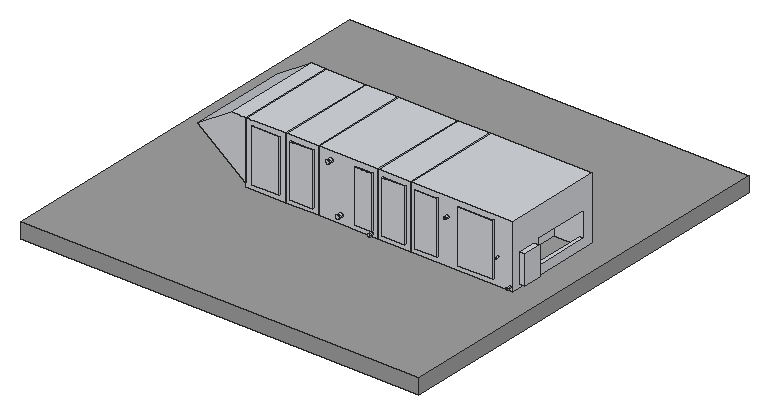
Revit family
Parameters (values of type "6 Row CW")
  Wheel Size [instance] = ""
  Voltage = 480 V
  Unit Weight (lbs) = 4667  # constant formula
  URL = "http://www.appliedair.com"
  Total Static Pressure [instance] = 0.00 in-wg
  Total Heating Capacity [instance] = 0.0 Btu/h
  Total Cooling Capacity [instance] = 0.0 Btu/h
  Temperature Rise [instance] = 0 °F
  Supply Air Pressure Drop [instance] = 0.00 in-wg
  Supply Air Outlet Flow [instance] = 0 CFM
  Supply Air Inlet Flow [instance] = 0 CFM
  Series = "IFL"
  Return Coil Horizontal Offset = 0' - 10"
  Return Air Inlet Flow [instance] = 0 CFM
  Return Air Flow Height = 1' - 8"
  Product URL = "http://www.appliedair.com/ifl.asp"
  Power Vertical Offset = 1' - 2 1/4"
  Power Horizontal Offset = 2' - 6"
  Power Connection Radius = 0' - 0 3/4"
  Phase = 3
  Output Heat [instance] = 0.0 Btu/h
  OmniClass = "23-75 10 24 21 27 17"
  Number of Rows = 6
  Number of Poles = 3
  Nominal Width = 6' - 8"  # constant formula
  Nominal Length = 21' - 0 5/8"  # constant formula
  Nominal Height = 4' - 2"  # constant formula
  Motor Horsepower (HP) [instance] = 0
  Motor Brake Horsepower (BHP) [instance] = 0
  Motor Amps [instance] = 0 A
  Model = "40"
  Minimum Input [instance] = 0.0 Btu/h
  Minimum Air Flow = 3000 CFM
  Maximum Input [instance] = 0.0 Btu/h
  Maximum Air Flow = 9500 CFM
  Manufacturer = "Applied Air"
  M = 3' - 10"  # constant formula
  L = 1' - 8 3/4"  # constant formula
  K = 2' - 1 11/16"  # constant formula
  J = 0' - 6 3/4"  # constant formula
  Heating Leaving Water Temperature [instance] = 0 °F
  Heating Leaving Air Temperature Wet Bulb [instance] = 0 °F
  Heating Leaving Air Temperature Dry Bulb [instance] = 0 °F
  Heating Entering Water Temperature [instance] = 0 °F
  Heating Entering Air Temperature Wet Bulb [instance] = 0 °F
  Heating Entering Air Temperature Dry Bulb [instance] = 0 °F
  Gas Vertical Offset = 1' - 9"  # constant formula
  Gas Horizontal Offset = 0' - 11 1/2"
  Gas Connection Radius = 0' - 0 3/8"  # constant formula
  Condensate Drain Vertical Offset = 0' - 2 3/4"
  Condensate Drain Radius = 0' - 0 3/4"  # constant formula
  Gas Pressure Drop [instance] = 0.00 psi
  Gas Input [instance] = 0.0 Btu/h
  Condensate Drain Horizontal Offset = 0' - 1 27/32"
  Gas Flow [instance] = 0 GPM
  Condensate Drain Connection Radius = Condensate Drain Radius  # 0' - 0 3/4"
  Furnace Size [instance] = ""
  Frequency = 60 Hz
  Fan Speed (RPM) [instance] = 0
  Face Velocity (FPM) [instance] = 0
  Face Pressure Drop [instance] = 0' - 0"
  Drain Pressure Drop [instance] = 0.00 psi
  Drain Flow [instance] = 0 GPM
  Description = "Dedicated Outside Air Split System"
  Cooling Sensible Capacity [instance] = 0 Btu/h
  Cooling Leaving Air Temperature Wet Bulb [instance] = 0 °F
  Cooling Leaving Air Temperature Dry Bulb [instance] = 0 °F
  Cooling Entering Air Temperature Wet Bulb [instance] = 0 °F
  Cooling Entering Air Temperature Dry Bulb [instance] = 0 °F
  Cooling Coil Radius = 0' 3" / 2  # 0' - 1 1/2"
  H = 0' - 3 1/16"  # constant formula
  G = 3' - 2 5/8"  # constant formula
  Drain Vertical Offset = 0' - 2"
  Drain Radius = 0' - 1"
  Drain Horizontal Offset = 0' - 5"
  Default Elevation = 0' - 0"
  F = 2' - 2"  # constant formula
  E = 4' - 0"  # constant formula
  D = 5' - 8"  # constant formula
  Combustion Air Flow [instance] = 0 CFM
  Coils Depth = 0' - 3"
  Coil Face Area = if(Choose Coil Option = 1, 9.17 SF, if(Choose Coil Option = 2, 14.00 SF, if(Choose Coil Option = 3, 17.72 SF, 0.00 SF)))  # 14.00 SF
  Choose Coil Option = 2
  Chilled Water Pressure [instance] = 0.00 in-wg
  Chilled Water Flow [instance] = 0 GPM
  Coils Vertical Offsets = 0' - 6 143/256"
  Supply Coil Horizontal Offset = 1' - 6"
  Burner Amps [instance] = 0 A
  B = 6' - 10"  # constant formula
  Assembly Code = "D3030200"
  Apparent Power [instance] = (Motor Amps + Burner Amps) * Voltage * sqrt(3)  # 0 VA
  AHU Material = Galvanized Steel
  30x44 CW Coils = Choose Coil Option = 1  # no
  36x56 CW Coils = Choose Coil Option = 2  # yes
  40.5x63 CW Coils = Choose Coil Option = 3  # no
Reference planes (in)
  plane 1 "Center (Front/Back)": y = 0
  plane 2: z = -0.00391
  plane 3 "Center (Left/Right)": x = 0
  plane 4: y = 38
  plane 5: y = -42
  plane 6: x = -24
  plane 7: x = 24
  plane 8: x = 50
  plane 9: z = 49.99609
  plane 10: x = 132
  plane 11: x = -50
  plane 12: x = -82
  plane 13: x = -120.625
  plane 14: x = -14
  plane 15: x = -6
  plane 16: z = 6.55469
  plane 17: z = 43.4375
  plane 18: y = -45
  plane 19: x = 19
  plane 20: z = 1.99609
  plane 21: x = 80
  plane 22: z = 35.74609
  plane 23: z = 2.74609
  plane 24: x = 130.15625
  plane 25: x = 120.5
  plane 26: z = 20.99609
Forms (in)
  Extrusion 1, solid, material "Default"
    sketch origin (0, 0, 0) x (1, 0, 0) y (0, 1, 0)
      loop
        line (-164.84185, 166) -> (-164.84185, -165.6411) -> (155.35983, -165.6411) -> (155.35983, 166) -> (-164.84185, 166)
    from -0.00391 to -12
  Extrusion 2, solid
    sketch origin (0.62705, 0, 0) x (1, 0, 0) y (0, 0, 1)
      loop
        line (-24.62705, 0) -> (23.37295, 0) -> (23.37295, 49.99609) -> (-24.62705, 49.99609) -> (-24.62705, 0)
    from -38 to 42
  Extrusion 3, solid
    sketch origin (66.62705, 0, 0) x (1, 0, 0) y (0, 0, 1)
      loop
        line (-42.62705, 0) -> (-16.62705, 0) -> (-16.62705, 49.99609) -> (-42.62705, 49.99609) -> (-42.62705, 0)
    from -38 to 42
  Extrusion 4, solid
    sketch origin (120.62705, 0, 0) x (1, 0, 0) y (0, 0, 1)
      loop
        line (-70.62705, 0) -> (11.37295, 0) -> (11.37295, 49.99609) -> (-70.62705, 49.99609) -> (-70.62705, 0)
    from -38 to 42
  Extrusion 5, solid
    sketch origin (-17.37295, 0, 0) x (1, 0, 0) y (0, 0, 1)
      loop
        line (-32.62705, -0.00391) -> (-6.62705, -0.00391) -> (-6.62705, 49.99609) -> (-32.62705, 49.99609) -> (-32.62705, -0.00391)
    from -38 to 42
  Extrusion 6, solid
    sketch origin (-41.37295, 0, 0) x (1, 0, 0) y (0, 0, 1)
      loop
        line (-40.62705, -0.00391) -> (-8.62705, -0.00391) -> (-8.62705, 49.99609) -> (-40.62705, 49.99609) -> (-40.62705, -0.00391)
    from -38 to 42
  Extrusion 7, solid
    sketch origin (-15.3125, 0, 0) x (1, 0, 0) y (0, 0, 1)
      loop
        line (-105.3125, 32.99609) -> (-66.6875, 2.74609) -> (-66.6875, 49.99609) -> (-78.33244, 49.99609) -> (-105.3125, 32.99609)
    from -38 to 42
  Extrusion 8, void
    sketch origin (0, 0, 0) x (1, 0, 0) y (0, 1, 0)
      loop
        line (-75, 32) -> (-75, -36) -> (-55, -36) -> (-55, 32) -> (-75, 32)
    from 0 to 31.59567
  Extrusion 9, void
    sketch origin (0, 0, 0) x (0, 1, 0) y (0, 0, 1)
      loop
        line (-36, 9) -> (32, 9) -> (32, 29) -> (-36, 29) -> (-36, 9)
    from -55 to -86
  Extrusion 10, void
    sketch origin (0, 0, 0) x (1, 0, 0) y (0, 0, 1)
      loop
        line (-109.05333, 23.93349) -> (-93.44248, 11.70751) -> (-86, 11.70751) -> (-86, 30.21142) -> (-102.77539, 30.21142) -> (-109.05333, 23.93349)
    from -32 to 36
  Extrusion 11, void
    sketch origin (0, 0, 0) x (1, 0, 0) y (0, 1, 0)
      loop
        line (128.9375, -16.3125) -> (128.9375, 29.6875) -> (108.1875, 29.6875) -> (108.1875, -16.3125) -> (128.9375, -16.3125)
    from 0 to 21.23232
  Extrusion 12, void
    sketch origin (0, 0, 0) x (1, 0, 0) y (0, 0, 1)
      loop
        line (132, 6.74609) -> (132, 27.49609) -> (108.1875, 27.49609) -> (108.1875, 6.74609) -> (132, 6.74609)
    from -29.6875 to 16.3125
  Extrusion 13, solid
    sketch origin (0, 0, 0) x (1, 0, 0) y (0, 1, 0)
      loop
        line (132, -21) -> (132, -36) -> (137, -36) -> (137, -21) -> (132, -21)
    from 3.06225 to 25.87762
  Extrusion 14, solid
    sketch origin (0, 0, 0) x (1, 0, 0) y (0, 0, 1)
      loop
        circle (-6, 6.55469) r 1.5
      loop
        circle (-14, 43.4375) r 1.5
      loop
        circle (19, 1.99609) r 1
      loop
        circle (80, 35.74609) r 0.75
      loop
        circle (130.15625, 2.74609) r 0.75
      loop
        circle (120.5, 20.99609) r 0.375
    from 42 to 45
  Extrusion 15, solid
    sketch origin (0, -38, 0) x (1, 0, 0) y (0, 0, 1)
      loop
        line (-55, 45.99609) -> (-77, 45.99609) -> (-77, 3.99609) -> (-55, 3.99609) -> (-55, 45.99609)
      loop
        line (-28, 45.99609) -> (-46, 45.99609) -> (-46, 3.99609) -> (-28, 3.99609) -> (-28, 45.99609)
      loop
        line (20, 45.99609) -> (6, 45.99609) -> (6, 3.99609) -> (20, 3.99609) -> (20, 45.99609)
      loop
        line (46, 45.99609) -> (28, 45.99609) -> (28, 3.99609) -> (46, 3.99609) -> (46, 45.99609)
      loop
        line (72, 45.99609) -> (54, 45.99609) -> (54, 3.99609) -> (72, 3.99609) -> (72, 45.99609)
      loop
        line (117, 45.99609) -> (89, 45.99609) -> (89, 3.99609) -> (117, 3.99609) -> (117, 45.99609)
    from 4 to 5
  Extrusion 16, void
    sketch origin (0, 0, 0) x (1, 0, 0) y (0, 0, 1)
      loop
        line (124.55215, 46.70523) -> (124.55215, 46.20523) -> (126.80215, 46.20523) -> (126.80215, 46.70523) -> (124.55215, 46.70523)
      loop
        line (127.55215, 46.70523) -> (127.55215, 46.20523) -> (129.80215, 46.20523) -> (129.80215, 46.70523) -> (127.55215, 46.70523)
      loop
        line (124.55215, 47.45523) -> (124.55215, 46.95523) -> (126.80215, 46.95523) -> (126.80215, 47.45523) -> (124.55215, 47.45523)
      loop
        line (127.55215, 47.45523) -> (127.55215, 46.95523) -> (129.80215, 46.95523) -> (129.80215, 47.45523) -> (127.55215, 47.45523)
      loop
        line (124.55215, 45.95523) -> (124.55215, 45.45523) -> (126.80215, 45.45523) -> (126.80215, 45.95523) -> (124.55215, 45.95523)
      loop
        line (127.55215, 45.95523) -> (127.55215, 45.45523) -> (129.80215, 45.45523) -> (129.80215, 45.95523) -> (127.55215, 45.95523)
      loop
        line (124.55215, 45.20523) -> (124.55215, 44.70523) -> (126.80215, 44.70523) -> (126.80215, 45.20523) -> (124.55215, 45.20523)
      loop
        line (127.55215, 45.20523) -> (127.55215, 44.70523) -> (129.80215, 44.70523) -> (129.80215, 45.20523) -> (127.55215, 45.20523)
      loop
        line (124.55215, 44.45523) -> (124.55215, 43.95523) -> (126.80215, 43.95523) -> (126.80215, 44.45523) -> (124.55215, 44.45523)
      loop
        line (127.55215, 44.45523) -> (127.55215, 43.95523) -> (129.80215, 43.95523) -> (129.80215, 44.45523) -> (127.55215, 44.45523)
      loop
        line (124.55215, 43.70523) -> (124.55215, 43.20523) -> (126.80215, 43.20523) -> (126.80215, 43.70523) -> (124.55215, 43.70523)
      loop
        line (127.55215, 43.70523) -> (127.55215, 43.20523) -> (129.80215, 43.20523) -> (129.80215, 43.70523) -> (127.55215, 43.70523)
      loop
        line (124.55215, 21.78696) -> (126.80215, 21.78696) -> (126.80215, 22.28696) -> (124.55215, 22.28696) -> (124.55215, 21.78696)
      loop
        line (127.55215, 21.78696) -> (129.80215, 21.78696) -> (129.80215, 22.28696) -> (127.55215, 22.28696) -> (127.55215, 21.78696)
      loop
        line (124.55215, 21.03696) -> (126.80215, 21.03696) -> (126.80215, 21.53696) -> (124.55215, 21.53696) -> (124.55215, 21.03696)
      loop
        line (127.55215, 21.03696) -> (129.80215, 21.03696) -> (129.80215, 21.53696) -> (127.55215, 21.53696) -> (127.55215, 21.03696)
      loop
        line (124.55215, 22.53696) -> (126.80215, 22.53696) -> (126.80215, 23.03696) -> (124.55215, 23.03696) -> (124.55215, 22.53696)
      loop
        line (127.55215, 22.53696) -> (129.80215, 22.53696) -> (129.80215, 23.03696) -> (127.55215, 23.03696) -> (127.55215, 22.53696)
      loop
        line (124.55215, 23.28696) -> (126.80215, 23.28696) -> (126.80215, 23.78696) -> (124.55215, 23.78696) -> (124.55215, 23.28696)
      loop
        line (127.55215, 23.28696) -> (129.80215, 23.28696) -> (129.80215, 23.78696) -> (127.55215, 23.78696) -> (127.55215, 23.28696)
      loop
        line (124.55215, 24.03696) -> (126.80215, 24.03696) -> (126.80215, 24.53696) -> (124.55215, 24.53696) -> (124.55215, 24.03696)
      loop
        line (127.55215, 24.03696) -> (129.80215, 24.03696) -> (129.80215, 24.53696) -> (127.55215, 24.53696) -> (127.55215, 24.03696)
      loop
        line (124.55215, 24.78696) -> (126.80215, 24.78696) -> (126.80215, 25.28696) -> (124.55215, 25.28696) -> (124.55215, 24.78696)
      loop
        line (127.55215, 24.78696) -> (129.80215, 24.78696) -> (129.80215, 25.28696) -> (127.55215, 25.28696) -> (127.55215, 24.78696)
    from 32 to 38
Cuts and joins
  Extrusion 8, Extrusion 9 cuts Extrusion 6
  Extrusion 9 cuts Extrusion 2
  Extrusion 9 cuts Extrusion 3
  Extrusion 9, Extrusion 10 cuts Extrusion 7
  Extrusion 11, Extrusion 12, Extrusion 16 cuts Extrusion 4
Dimensions and locks (in)
  "Nominal Width": plane 5 to plane 4
  "E": plane 6 to plane 7
  equal spacing: plane 6, plane 3 "Center (Left/Right)", plane 7
  "Nominal Height": plane 9 to plane 2
  "F": plane 7 to plane 8
  "F": plane 11 to plane 6
  locked: plane 12 to plane 11 at 32
  "B": plane 8 to plane 10
  "G": plane 13 to plane 12
  "D": Extrusion 8 sketch curve to Extrusion 8 sketch curve
  locked: Extrusion 8 sketch curve to Extrusion 8 sketch curve at 20
  locked: Extrusion 9 sketch curve to Extrusion 9 sketch curve at 20
  "D": Extrusion 9 sketch curve to Extrusion 9 sketch curve
  locked: level to Extrusion 9 sketch curve at 9
  "K": plane 5 to Extrusion 11 sketch curve
  "M": Extrusion 11 sketch curve to Extrusion 11 sketch curve
  "H": Extrusion 11 sketch curve to plane 10
  "L": Extrusion 11 sketch curve to Extrusion 11 sketch curve
  "J": Extrusion 12 sketch curve to plane 2
  "L": Extrusion 12 sketch curve to Extrusion 12 sketch curve
  "K": cut or joined group of Extrusion 4, Extrusion 11, Extrusion 12, Extrusion 16 to plane 5
  "M": cut or joined group of Extrusion 4, Extrusion 11, Extrusion 12, Extrusion 16 to cut or joined group of Extrusion 4, Extrusion 11, Extrusion 12, Extrusion 16
  plane 9 to Extrusion 13 = 2' - 0.11847"
  locked: Extrusion 13 to Extrusion 13 at 22.81538
  locked: Extrusion 13 to plane 2 at 3.06615
  locked: Extrusion 13 to Extrusion 13 at 5
  "Coils Depth": plane 18 to plane 5
  "Coils Vertical Offsets": plane 16 to plane 2
  "Coils Vertical Offsets": plane 9 to plane 17
  "Return Coil Horizontal Offset": plane 6 to plane 14
  "Supply Coil Horizontal Offset": plane 6 to plane 15
  "Drain Vertical Offset": plane 20 to plane 2
  "Drain Horizontal Offset": plane 19 to plane 7
  locked: plane 12 to Extrusion 15 sketch curve at 5
  locked: Extrusion 15 sketch curve to plane 11 at 5
  locked: plane 9 to Extrusion 15 sketch curve at 4  (x6)
  locked: Extrusion 15 sketch curve to plane 2 at 4  (x6)
  locked: plane 11 to Extrusion 15 sketch curve at 4
  locked: Extrusion 15 sketch curve to plane 6 at 4
  locked: plane 6 to Extrusion 15 sketch curve at 30
  locked: Extrusion 15 sketch curve to plane 7 at 4
  locked: plane 7 to Extrusion 15 sketch curve at 4
  locked: Extrusion 15 sketch curve to plane 8 at 4
  locked: plane 8 to Extrusion 15 sketch curve at 4
  locked: Extrusion 15 sketch curve to Extrusion 15 sketch curve at 17
  locked: Extrusion 15 sketch curve to plane 10 at 15
  "Power Vertical Offset": plane 9 to plane 22
  "Power Horizontal Offset": plane 8 to plane 21
  locked: Extrusion 15 to plane 5 at 1
  "Condensate Drain Vertical Offset": plane 23 to plane 2
  plane 13 to plane 10 = 21' - 0 5/8"
  "Condensate Drain Horizontal Offset": plane 24 to plane 10
  locked: Extrusion 7 sketch curve to plane 13 at 0
  locked: Extrusion 7 sketch curve to plane 12 at 0
  locked: Extrusion 7 sketch curve to plane 23 at 0
  locked: plane 17 to Extrusion 7 sketch curve at 10.44141
  "Gas Vertical Offset": plane 26 to plane 2
  "Gas Horizontal Offset": plane 25 to plane 10
  locked: Extrusion 14 sketch curve to plane 14 at 0
  locked: Extrusion 14 sketch curve to plane 15 at 0
  locked: Extrusion 14 sketch curve to plane 19 at 0
  locked: Extrusion 14 sketch curve to plane 21 at 0
  locked: Extrusion 14 sketch curve to plane 25 at 0
  locked: Extrusion 14 sketch curve to plane 23 at 0
  locked: Extrusion 14 sketch curve to plane 24 at 0
  locked: Extrusion 14 sketch curve to plane 20 at 0
  locked: Extrusion 14 sketch curve to plane 16 at 0
  locked: Extrusion 14 sketch curve to plane 26 at 0
  locked: Extrusion 14 sketch curve to plane 22 at 0
  locked: Extrusion 14 sketch curve to plane 17 at 0
  "Cooling Coil Radius": radius of Extrusion 14 sketch curve  (x2)
  "Drain Radius": radius of Extrusion 14 sketch curve
  "Power Connection Radius": radius of Extrusion 14 sketch curve
  "Condensate Drain Connection Radius": radius of Extrusion 14 sketch curve
  "Gas Connection Radius": radius of Extrusion 14 sketch curve
  aligned and locked: plane 2 to Extrusion 1
  aligned and locked: Extrusion 2 to plane 4
  aligned and locked: plane 5 to Extrusion 2
  aligned and locked: plane 6 to Extrusion 2
  aligned and locked: plane 7 to Extrusion 2
  aligned and locked: plane 7 to Extrusion 3
  aligned and locked: Extrusion 3 to plane 8
  aligned and locked: plane 9 to Extrusion 2
  aligned and locked: Extrusion 3 to Extrusion 2
  aligned and locked: plane 5 to Extrusion 3
  aligned and locked: Extrusion 3 to plane 4
  aligned and locked: Extrusion 4 to plane 9
  aligned and locked: plane 8 to Extrusion 4
  aligned and locked: Extrusion 4 to plane 10
  aligned and locked: plane 5 to Extrusion 4
  aligned and locked: Extrusion 4 to plane 4
  aligned and locked: Extrusion 5 to plane 6
  aligned and locked: plane 11 to Extrusion 5
  aligned and locked: Extrusion 5 to plane 9
  aligned and locked: Extrusion 5 to plane 2
  aligned and locked: Extrusion 5 to plane 4
  aligned and locked: plane 5 to Extrusion 5
  aligned and locked: plane 5 to Extrusion 6
  aligned and locked: Extrusion 6 to plane 4
  aligned and locked: plane 12 to Extrusion 6
  aligned and locked: Extrusion 6 to plane 11
  aligned and locked: Extrusion 6 to plane 9
  aligned and locked: Extrusion 6 to plane 2
  aligned and locked: Extrusion 7 to plane 9
  aligned and locked: plane 13 to Extrusion 7
  aligned and locked: Extrusion 7 to plane 12
  aligned and locked: Extrusion 7 to plane 4
  aligned and locked: plane 5 to Extrusion 7
  aligned and locked: cut or joined group of Extrusion 6, Extrusion 8, Extrusion 9 to Extrusion 9 sketch curve
  aligned and locked: cut or joined group of Extrusion 6, Extrusion 8, Extrusion 9 to Extrusion 9
  aligned and locked: cut or joined group of Extrusion 6, Extrusion 8, Extrusion 9 to Extrusion 10  (x2)
  aligned and locked: Extrusion 11 to level
  aligned and locked: cut or joined group of Extrusion 4, Extrusion 11, Extrusion 12, Extrusion 16 to Extrusion 12 sketch curve
  aligned and locked: plane 10 to Extrusion 12 sketch curve
  aligned and locked: plane 10 to Extrusion 13
  aligned and locked: plane 5 to Extrusion 14
  aligned and locked: plane 18 to Extrusion 14
  aligned and locked: Extrusion 15 to plane 5
  aligned and locked: cut or joined group of Extrusion 4, Extrusion 11, Extrusion 12, Extrusion 16 to plane 5
Automatic sketch dimensions
  Extrusion 1 sketch curve to Extrusion 1 sketch curve = 26' - 8.20168"
  Extrusion 1 sketch curve to Extrusion 1 sketch curve = 27' - 7.6411"
  Extrusion 2 sketch curve to level = 0' - 0"
  Extrusion 2 sketch curve to plane 6 = 0' - 0"
  Extrusion 2 sketch curve to plane 7 = 0' - 0"
  Extrusion 2 sketch curve to plane 9 = 0' - 0"
  Extrusion 3 sketch curve to level = 0' - 0"
  Extrusion 3 sketch curve to plane 7 = 0' - 0"
  Extrusion 3 sketch curve to plane 8 = 0' - 0"
  Extrusion 3 sketch curve to plane 9 = 0' - 0"
  Extrusion 4 sketch curve to level = 0' - 0"
  Extrusion 4 sketch curve to plane 8 = 0' - 0"
  Extrusion 4 sketch curve to plane 9 = 0' - 0"
  Extrusion 4 sketch curve to plane 10 = 0' - 0"
  Extrusion 5 sketch curve to plane 2 = 0' - 0"
  Extrusion 5 sketch curve to plane 11 = 0' - 0"
  Extrusion 5 sketch curve to plane 6 = 0' - 0"
  Extrusion 5 sketch curve to plane 9 = 0' - 0"
  Extrusion 6 sketch curve to plane 2 = 0' - 0"
  Extrusion 6 sketch curve to plane 12 = 0' - 0"
  Extrusion 6 sketch curve to plane 9 = 0' - 0"
  Extrusion 6 sketch curve to plane 11 = 0' - 0"
  Extrusion 8 sketch curve to plane 12 = 0' - 7"
  Extrusion 8 sketch curve to plane 5 = 0' - 6"
  Extrusion 13 sketch curve to plane 10 = 0' - 0"
  Extrusion 13 sketch curve to plane 10 = 0' - 5"
  Extrusion 13 sketch curve to plane 5 = 0' - 6"
  Extrusion 13 sketch curve to Extrusion 13 sketch curve = 1' - 3"
  Extrusion 15 sketch curve to Extrusion 15 sketch curve = 1' - 6"
  Extrusion 16 sketch curve to plane 17 = 0' - 3.26773"
  plane 10 to Extrusion 16 sketch curve = 0' - 7.44785"  (x2)
  Extrusion 16 sketch curve to Extrusion 16 sketch curve = 0' - 0"  (x37)
  plane 17 to Extrusion 16 sketch curve = 0' - 0.23227"  (x2)
  Extrusion 16 sketch curve to Extrusion 16 sketch curve = 0' - 2 1/4"  (x3)
  Extrusion 16 sketch curve to Extrusion 16 sketch curve = 0' - 0 3/4"  (x4)
  plane 10 to Extrusion 16 sketch curve = 0' - 2.19785"  (x3)
  plane 22 to Extrusion 16 sketch curve = 0' - 10.45913"
  Extrusion 16 sketch curve to Extrusion 16 sketch curve = 0' - 0 1/2"  (x21)
  Extrusion 16 sketch curve to Extrusion 16 sketch curve = 0' - 0 1/4"  (x20)
  Extrusion 16 sketch curve to plane 17 = 0' - 0.26773"  (x2)
  Extrusion 7 sketch curve to plane 9 = 0' - 0"
  plane 12 to Extrusion 7 sketch curve = 0' - 11.64494"
  Extrusion 10 sketch curve to plane 13 = 0' - 11.57167"
  Extrusion 10 sketch curve to Extrusion 10 sketch curve = 0' - 6.27793"
  Extrusion 10 sketch curve to plane 16 = 0' - 5.15283"
  plane 12 to Extrusion 10 sketch curve = 0' - 4"
  Extrusion 10 sketch curve to Extrusion 10 sketch curve = 0' - 7.44248"
  plane 22 to Extrusion 10 sketch curve = 0' - 11.81261"
  plane 22 to Extrusion 10 sketch curve = 0' - 5.53467"
Connectors (in)
  hvac at (-101.3125, -2, 17.87109), driven by "D", driven by "Return Air Flow Height", driven by "Supply Air Inlet Flow"
    settings: on cut or joined group of Extrusion 7, Extrusion 9, Extrusion 10, index 1
  hvac at (-65, -2, -0.00391), driven by "D", driven by "Return Air Flow Height", driven by "Return Air Inlet Flow"
    settings: on cut or joined group of Extrusion 6, Extrusion 8, Extrusion 9, index 2
  hvac at (118.5625, 6.6875, 0), driven by "M", driven by "L", driven by "Supply Air Outlet Flow"
    settings: on cut or joined group of Extrusion 4, Extrusion 11, Extrusion 12, Extrusion 16, index 3
  hvac at (132, 6.6875, 17.12109), driven by "M", driven by "L", driven by "Supply Air Outlet Flow"
    settings: on cut or joined group of Extrusion 4, Extrusion 11, Extrusion 12, Extrusion 16, index 4
  piping at (-14, -45, 43.4375), driven by "Cooling Coil Radius", driven by "Chilled Water Pressure", driven by "Chilled Water Flow"
    settings: on Extrusion 14, index 5
  piping at (-6, -45, 6.55469), driven by "Cooling Coil Radius", driven by "Chilled Water Flow", driven by "Chilled Water Pressure"
    settings: on Extrusion 14, index 6
  piping at (19, -45, 1.99609), driven by "Drain Radius", driven by "Drain Flow"
    settings: on Extrusion 14, index 7
  electrical at (80, -45, 35.74609), driven by "Number of Poles", driven by "Apparent Power", driven by "Voltage"
    settings: on Extrusion 14, index 8
  piping at (130.15625, -45, 2.74609), driven by "Condensate Drain Radius", driven by "Drain Flow", driven by "Gas Pressure Drop"
    settings: on Extrusion 14, index 9
  piping at (120.5, -45, 20.99609), driven by "Gas Flow", driven by "Gas Pressure Drop", driven by "Gas Connection Radius"
    settings: on Extrusion 14, index 10
